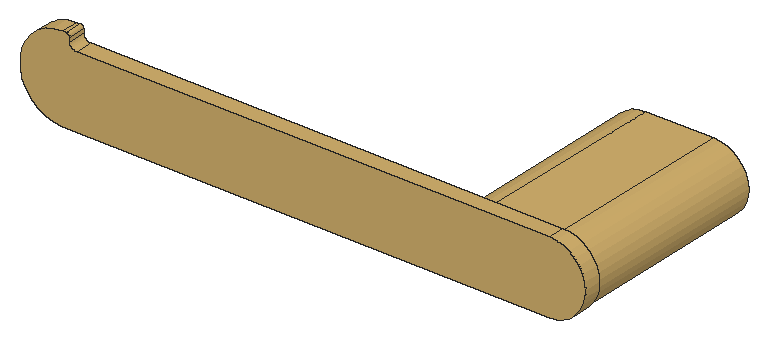
Revit family "RBA1631-512", category Plumbing Fixtures, Revit 2021
Family settings
  Round Connector Dimension = Use Diameter
  Part Type = Normal
  Work Plane-Based = No
  Always vertical = Yes
  Cut with Voids When Loaded = No
  Shared = Yes
  Room Calculation Point = No
Parameters
  Watermarked By = "www.rba.com.au"
  Waste Connection = yes
  Vent Connection = yes
  URL = ""
  Phone Number = ""
  Modified Issue = ""
  Model = "RBA1631-112"
  Materials and Finishes = Heavy Duty Brass, PVD Brushed Brass Finish
  Manufacturer Model = ""
  Manufacturer = "RBA Group"  # constant formula
  HW Connection = yes
  Description = "ōken Toilet Roll Holder #2 | Bright Chrome Finish"
  Default Elevation = 0 mm
  Copyright by = "RBA Group"  # constant formula
  CW Connection = yes
Reference planes
  plane 1 "Center (Front/Back)": y = 0
  plane 2: z = 0
  plane 3 "Center (Left/Right)": x = 0
  plane 4: x = 20.5
  plane 5: x = -144.5
  plane 6: x = -20
  plane 7: x = 20
  plane 8: x = -130
  plane 9: z = 25
  plane 10: z = 20.5
  plane 11: z = 0.5
Forms (mm)
  Extrusion 1, solid, material "Heavy Duty Brass, PVD Brushed Brass Finish" <- "Materials and Finishes"
    sketch origin (-62, 0, 0) x (1, 0, 0) y (0, 0, 1)
      loop
        line (72, 21) -> (-66, 21)
        arc (-66, 21) -> (-67.414, 21.586) -> (-68, 23) r 2
        line (-68, 23) -> (-68, 24)
        arc (-68, 24) -> (-68.293, 24.707) -> (-69, 25) r 1
        line (-69, 25) -> (-70, 25)
        arc (-70, 25) -> (-82.5, 12.5) -> (-70, 0) r 12.5
        line (-70, 0) -> (72, 0)
        arc (72, 0) -> (82.5, 10.5) -> (72, 21) r 10.5
    from 55 to 60
  Extrusion 2, solid, material "Heavy Duty Brass, PVD Brushed Brass Finish" <- "Materials and Finishes"
    sketch origin (-62, 0, 0) x (1, 0, 0) y (0, 0, 1)
      loop
        arc (52, 20.5) -> (42, 10.5) -> (52, 0.5) r 10
        line (52, 0.5) -> (72, 0.5)
        arc (72, 0.5) -> (82, 10.5) -> (72, 20.5) r 10
        line (72, 20.5) -> (52, 20.5)
    from 0 to 55
Dimensions and locks
  aligned and locked: plane 2 to level
